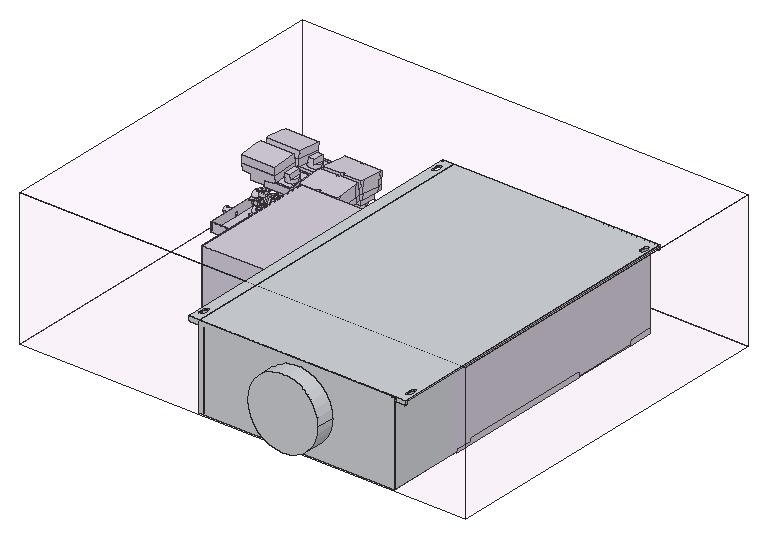
Revit family "02 - MAT235 - 200 DIS - Belimo ePIV Valves (With Bypass)", category Mechanical Equipment, host Ceiling, Revit 2018 (continued)
Automatic sketch dimensions
  Extrusion 29 sketch curve to Extrusion 28 = 35.00 mm  (x2)
  Extrusion 29 sketch curve to Extrusion 29 sketch curve = 40.00 mm  (x2)
  Extrusion 33 to Extrusion 34 sketch curve = 88.50 mm
  Extrusion 36 sketch curve to Extrusion 35 = 14.00 mm  (x4)
  Extrusion 36 sketch curve to Extrusion 35 = 35.00 mm  (x2)
  Extrusion 36 sketch curve to Extrusion 36 sketch curve = 40.00 mm  (x2)
  Extrusion 38 sketch curve to Extrusion 38 sketch curve = 0.00 mm  (x8)
  Extrusion 38 sketch curve to Extrusion 37 = 14.00 mm  (x8)
  Extrusion 39 sketch curve to Extrusion 39 sketch curve = 24.80 mm
  Extrusion 42 sketch curve to Extrusion 42 sketch curve = 0.00 mm  (x2)
  Extrusion 43 sketch curve to Extrusion 43 sketch curve = 0.00 mm  (x2)
  Extrusion 46 sketch curve to Extrusion 45 = 5.00 mm
  Extrusion 46 sketch curve to Extrusion 46 sketch curve = 5.00 mm
  Extrusion 47 sketch curve to Extrusion 47 sketch curve = 5.00 mm
  Extrusion 46 to Extrusion 47 sketch curve = 5.00 mm
  Extrusion 49 sketch curve to Extrusion 48 = 5.00 mm
  Extrusion 49 sketch curve to Extrusion 49 sketch curve = 5.00 mm
  Extrusion 50 sketch curve to Extrusion 50 sketch curve = 5.00 mm  (x2)
  radius of Extrusion 29 sketch curve = 7.50 mm  (x4)
  radius of Extrusion 31 sketch curve to Extrusion 29 = 0.00 mm  (x4)
  radius of Extrusion 31 sketch curve to Extrusion 29 = 1.00 mm  (x4)
  radius of Extrusion 36 sketch curve = 7.50 mm  (x4)
  radius of Extrusion 38 sketch curve = 7.50 mm  (x4)
  radius of Extrusion 38 sketch curve = 6.50 mm  (x4)
  radius of Extrusion 57 sketch curve = 7.95 mm  (x3)
  radius of Extrusion 57 sketch curve = 10.50 mm
  radius of Extrusion 58 sketch curve = 7.95 mm  (x3)
  radius of Extrusion 58 sketch curve = 10.50 mm
Nested families
  nested 1: "Circular Spigot" at (0, -450, 3732.5), visible <- "DS_1", type "200 Dia - Front Spigot"
  nested 2: "Circular Spigot" at (555, -450, 3732.5), visible <- "DS_2", type "200 Dia - Front Spigot"
  nested 3: "Circular Spigot" at (1110, -450, 3732.5), visible <- "DS_3", type "200 Dia - Front Spigot"
  nested 4: "Circular Spigot" at (1665, -450, 3732.5), visible <- "DS_4", type "200 Dia - Front Spigot"
  nested 5: "Circular Spigot" at (2220, -450, 3732.5), visible <- "DS_5", type "200 Dia - Front Spigot"
  nested 6: "Circular Spigot" at (279.2, -318, 3732.5) x (0, 1, 0) z (0, 0, 1), visible <- "DS_B", type "200 Dia - Side Spigot"
  nested 7: "Circular Spigot" at (-279.2, -318, 3732.5) x (0, -1, 0) z (0, 0, 1), visible <- "DS_A", type "200 Dia - Side Spigot"
  nested 8: "ePIV Valve Assembly (With Bypass)" at (388, 255.5, 3675) x (0, 1, 0) z (0, 0, 1), visible <- "RH Components Visible", type "ePIV Valve Assembly (With Bypass)"
  nested 9: "ePIV Valve Assembly (With Bypass)" at (-388, 321.5, 3675) x (0, -1, 0) z (0, 0, 1), visible <- "LH Components Visible", type "ePIV Valve Assembly (With Bypass)"
Connectors
  piping at (794, 288.5, 3625.2), diameter 15, driven by "Condensate Drain Connection Size"
    settings: on Extrusion 43, index 1, connector inside diameter 609.6 mm, connector length 0.00 mm, flow factor 0, pipe flow 0.0 L/s, pressure drop 0.0 Pa, fitting loss kfactor 0, connector angle 0.00°, fixture units 0, engagement length 0.00 mm, angle of deflection 0.00°, flow configuration 0, flow direction 2, fitting loss method 0, system type 16, joint type 0, gender type 0, connector reference index -1, connector utility 0, adjustable connector yes, is connector primary yes, connector description "Condensate Drain"
  piping at (-794, 288.5, 3625.2), diameter 15, driven by "Drain Connection Size"
    settings: on Extrusion 42, index 10, connector inside diameter 609.6 mm, connector length 0.00 mm, flow factor 0, pipe flow 0.0 L/s, pressure drop 0.0 Pa, fitting loss kfactor 0, connector angle 0.00°, fixture units 0, engagement length 0.00 mm, angle of deflection 0.00°, flow configuration 0, flow direction 2, fitting loss method 0, system type 16, joint type 0, gender type 0, connector reference index -1, connector utility 0, adjustable connector yes, is connector primary no, connector description "Condensate Drain"
  hvac at (0, 450, 3733), driven by "Intake Height", driven by "Intake Width"
    settings: on Extrusion 44, index 11, duct flow 0.0 L/s, flow factor 0, pres drop 0.0 Pa, loss coef 0, conn angle 0.00°, conn width 530 mm, conn height 205 mm, conn diameter 609.6 mm, duct sys type 2, conn prof type 1, flow config 0, flow direction 1, loss method 0, conn ref index -1, conn util no, is conn primary yes, conn desc ""
  hvac at (-359.2, -318, 3732.5), driven by "Outlet Connection Dia/Height"
    settings: on nested 7, index 12, duct flow 0.0 L/s, flow factor 0, pres drop 0.0 Pa, loss coef 0, conn angle 0.00°, conn width 304.8 mm, conn height 304.8 mm, conn diameter 200 mm, duct sys type 1, conn prof type 0, flow config 0, flow direction 2, loss method 0, conn ref index -1, conn util no, is conn primary no, conn desc "Discharge Spigot A"
  hvac at (359.2, -318, 3732.5), driven by "Outlet Connection Dia/Height"
    settings: on nested 6, index 13, duct flow 0.0 L/s, flow factor 0, pres drop 0.0 Pa, loss coef 0, conn angle 0.00°, conn width 304.8 mm, conn height 304.8 mm, conn diameter 200 mm, duct sys type 1, conn prof type 0, flow config 0, flow direction 2, loss method 0, conn ref index -1, conn util no, is conn primary no, conn desc "Discharge Spigot B"
  hvac at (0, -500, 3732.5), driven by "Outlet Connection Dia/Height"
    settings: on nested 1, index 14, duct flow 0.0 L/s, flow factor 0, pres drop 0.0 Pa, loss coef 0, conn angle 0.00°, conn width 304.8 mm, conn height 304.8 mm, conn diameter 200 mm, duct sys type 1, conn prof type 0, flow config 0, flow direction 2, loss method 0, conn ref index -1, conn util no, is conn primary no, conn desc "Discharge Spigot 1"
  hvac at (555, -500, 3732.5), driven by "Outlet Connection Dia/Height"
    settings: on nested 2, index 15, duct flow 0.0 L/s, flow factor 0, pres drop 0.0 Pa, loss coef 0, conn angle 0.00°, conn width 304.8 mm, conn height 304.8 mm, conn diameter 200 mm, duct sys type 1, conn prof type 0, flow config 0, flow direction 2, loss method 0, conn ref index -1, conn util no, is conn primary no, conn desc "Discharge Spigot 2"
  hvac at (1110, -500, 3732.5), driven by "Outlet Connection Dia/Height"
    settings: on nested 3, index 16, duct flow 0.0 L/s, flow factor 0, pres drop 0.0 Pa, loss coef 0, conn angle 0.00°, conn width 304.8 mm, conn height 304.8 mm, conn diameter 200 mm, duct sys type 1, conn prof type 0, flow config 0, flow direction 2, loss method 0, conn ref index -1, conn util no, is conn primary no, conn desc "Discharge Spigot 3"
  hvac at (1665, -500, 3732.5), driven by "Outlet Connection Dia/Height"
    settings: on nested 4, index 17, duct flow 0.0 L/s, flow factor 0, pres drop 0.0 Pa, loss coef 0, conn angle 0.00°, conn width 304.8 mm, conn height 304.8 mm, conn diameter 200 mm, duct sys type 1, conn prof type 0, flow config 0, flow direction 2, loss method 0, conn ref index -1, conn util no, is conn primary no, conn desc "Discharge Spigot 4"
  hvac at (2220, -500, 3732.5), driven by "Outlet Connection Dia/Height"
    settings: on nested 5, index 18, duct flow 0.0 L/s, flow factor 0, pres drop 0.0 Pa, loss coef 0, conn angle 0.00°, conn width 304.8 mm, conn height 304.8 mm, conn diameter 200 mm, duct sys type 1, conn prof type 0, flow config 0, flow direction 2, loss method 0, conn ref index -1, conn util no, is conn primary no, conn desc "Discharge Spigot 5"
  electrical at (314.2, -84, 3631.2)
    settings: on cut or joined group of Extrusion 45, Extrusion 58, index 19, voltage 230 V, apparent load 0 VA, apparent load phase1 0 VA, apparent load phase2 0 VA, apparent load phase3 0 VA, power factor 1, load classification "HVAC", number of poles 1, system type 31, power factor state 1, is connector primary yes, connector utility no, sub classification motor no, connector description "FCU Electrical Supply"
  electrical at (-314.2, 94, 3631.2)
    settings: on cut or joined group of Extrusion 48, Extrusion 57, index 20, voltage 230 V, apparent load 0 VA, apparent load phase1 0 VA, apparent load phase2 0 VA, apparent load phase3 0 VA, power factor 1, load classification "HVAC", number of poles 1, system type 31, power factor state 1, is connector primary no, connector utility no, sub classification motor no, connector description "FCU Electrical Supply"
  piping at (683, 321.5, 3715), diameter 27
    settings: on nested 8, index 21, connector inside diameter 609.6 mm, connector length 0.00 mm, flow factor 0, pipe flow 0.0 L/s, pressure drop 0.0 Pa, fitting loss kfactor 0, connector angle 0.00°, fixture units 0, engagement length 0.00 mm, angle of deflection 0.00°, flow configuration 0, flow direction 2, fitting loss method 4, system type 8, joint type 0, gender type 0, connector reference index -1, connector utility 0, adjustable connector no, is connector primary no, connector description "HTG Return"
  piping at (683, 321.5, 3675), diameter 27
    settings: on nested 8, index 22, connector inside diameter 609.6 mm, connector length 0.00 mm, flow factor 0, pipe flow 0.0 L/s, pressure drop 0.0 Pa, fitting loss kfactor 0, connector angle 0.00°, fixture units 0, engagement length 0.00 mm, angle of deflection 0.00°, flow configuration 0, flow direction 1, fitting loss method 4, system type 7, joint type 0, gender type 0, connector reference index -1, connector utility 0, adjustable connector no, is connector primary no, connector description "HTG Flow"
  piping at (683, 255.5, 3715), diameter 27
    settings: on nested 8, index 23, connector inside diameter 609.6 mm, connector length 0.00 mm, flow factor 0, pipe flow 0.0 L/s, pressure drop 0.0 Pa, fitting loss kfactor 0, connector angle 0.00°, fixture units 0, engagement length 0.00 mm, angle of deflection 0.00°, flow configuration 0, flow direction 2, fitting loss method 4, system type 8, joint type 0, gender type 0, connector reference index -1, connector utility 0, adjustable connector no, is connector primary no, connector description "CLG Return"
  piping at (683, 255.5, 3675), diameter 27
    settings: on nested 8, index 24, connector inside diameter 609.6 mm, connector length 0.00 mm, flow factor 0, pipe flow 0.0 L/s, pressure drop 0.0 Pa, fitting loss kfactor 0, connector angle 0.00°, fixture units 0, engagement length 0.00 mm, angle of deflection 0.00°, flow configuration 0, flow direction 1, fitting loss method 4, system type 7, joint type 0, gender type 0, connector reference index -1, connector utility 0, adjustable connector no, is connector primary no, connector description "CLG Flow"
  piping at (-683, 321.5, 3715), diameter 27
    settings: on nested 9, index 25, connector inside diameter 609.6 mm, connector length 0.00 mm, flow factor 0, pipe flow 0.0 L/s, pressure drop 0.0 Pa, fitting loss kfactor 0, connector angle 0.00°, fixture units 0, engagement length 0.00 mm, angle of deflection 0.00°, flow configuration 0, flow direction 2, fitting loss method 4, system type 8, joint type 0, gender type 0, connector reference index -1, connector utility 0, adjustable connector no, is connector primary no, connector description "CLG Return"
  piping at (-683, 321.5, 3675), diameter 27
    settings: on nested 9, index 26, connector inside diameter 609.6 mm, connector length 0.00 mm, flow factor 0, pipe flow 0.0 L/s, pressure drop 0.0 Pa, fitting loss kfactor 0, connector angle 0.00°, fixture units 0, engagement length 0.00 mm, angle of deflection 0.00°, flow configuration 0, flow direction 1, fitting loss method 4, system type 7, joint type 0, gender type 0, connector reference index -1, connector utility 0, adjustable connector no, is connector primary no, connector description "CLG Flow"
  piping at (-683, 255.5, 3715), diameter 27
    settings: on nested 9, index 27, connector inside diameter 609.6 mm, connector length 0.00 mm, flow factor 0, pipe flow 0.0 L/s, pressure drop 0.0 Pa, fitting loss kfactor 0, connector angle 0.00°, fixture units 0, engagement length 0.00 mm, angle of deflection 0.00°, flow configuration 0, flow direction 2, fitting loss method 4, system type 8, joint type 0, gender type 0, connector reference index -1, connector utility 0, adjustable connector no, is connector primary no, connector description "HTG Return"
  piping at (-683, 255.5, 3675), diameter 27
    settings: on nested 9, index 28, connector inside diameter 609.6 mm, connector length 0.00 mm, flow factor 0, pipe flow 0.0 L/s, pressure drop 0.0 Pa, fitting loss kfactor 0, connector angle 0.00°, fixture units 0, engagement length 0.00 mm, angle of deflection 0.00°, flow configuration 0, flow direction 1, fitting loss method 4, system type 7, joint type 0, gender type 0, connector reference index -1, connector utility 0, adjustable connector no, is connector primary no, connector description "HTG Flow"
Definition of nested family "Circular Spigot"
  Parameters (values of type "200 Dia - Side Spigot")
    Spigot Size = 200.00 mm
    Spigot Depth = 80.00 mm
  Types (8, lengths in mm): name | Spigot Size | Spigot Depth
    250 Dia - Side Spigot | 250.00 | 80.00
    250 Dia - Front Spigot | 250.00 | 50.00
    200 Dia - Front Spigot | 200.00 | 50.00
    200 Dia - Side Spigot | 200.00 | 80.00
    150 Dia - Front Spigot | 150.00 | 50.00
    160 Dia - Front Spigot | 160.00 | 50.00
    150 Dia - Side Spigot | 150.00 | 80.00
    160 Dia - Side Spigot | 160.00 | 80.00
  Reference planes
    plane 1 "Center (Front/Back)": y = 0
    plane 2: z = 0
    plane 3 "Center (Left/Right)": x = 0
  Forms (mm)
    Extrusion 1, solid
      sketch origin (0, 0, 0) x (1, 0, 0) y (0, 0, 1)
        loop
          circle (0, 0) r 100
      from 0 to 80 <- "Spigot Depth"
  Dimensions and locks
    "Spigot Size": diameter of Extrusion 1 sketch curve
    aligned and locked: level to plane 2
  Automatic sketch dimensions
    Extrusion 1 sketch curve to level = 0.00 mm
    Extrusion 1 sketch curve to plane 3 "Center (Left/Right)" = 0.00 mm
Definition of nested family "ePIV Valve Assembly (With Bypass)"
  Reference planes
    plane 1 "Center (Front/Back)": y = 0
    plane 2: z = 0
    plane 3 "Center (Left/Right)": x = 0
    plane 4: x = 66
    plane 5: z = 40
    plane 6: y = -295
  Forms (mm)
    Extrusion 1, solid
      sketch origin (0, 0, 0) x (1, 0, 0) y (0, 0, 1)
        loop
          circle (0, 0) r 7.5
        loop
          circle (66, 0) r 7.5
        loop
          circle (0, 40) r 7.5
        loop
          circle (66, 40) r 7.5
      from 0 to 240
    Extrusion 2, solid
      sketch origin (0, 0, 0) x (-1, 0, 0) y (0, 0, 1)
        loop
          circle (0, 40) r 7.5
        loop
          circle (0, 0) r 7.5
        loop
          circle (-66, 0) r 7.5
        loop
          circle (-66, 40) r 7.5
        loop
          circle (-66, 40) r 8.5
        loop
          circle (0, 40) r 8.5
        loop
          circle (0, 0) r 8.5
        loop
          circle (-66, 0) r 8.5
      from 0 to 15
    Extrusion 3, solid
      sketch origin (0, -240, 0) x (1, 0, 0) y (0, 0, 1)
        loop
          line (8.256, 14.3) -> (-8.256, 14.3) -> (-16.512, 0) -> (-8.256, -14.3) -> (8.256, -14.3) -> (16.512, 0) -> (8.256, 14.3)
        loop
          line (80.3, 8.256) -> (66, 16.512) -> (51.7, 8.256) -> (51.7, -8.256) -> (66, -16.512) -> (80.3, -8.256) -> (80.3, 8.256)
        loop
          line (74.256, 54.3) -> (57.744, 54.3) -> (49.488, 40) -> (57.744, 25.7) -> (74.256, 25.7) -> (82.512, 40) -> (74.256, 54.3)
        loop
          line (14.3, 48.256) -> (0, 56.512) -> (-14.3, 48.256) -> (-14.3, 31.744) -> (0, 23.488) -> (14.3, 31.744) -> (14.3, 48.256)
      from 0 to -20
    Extrusion 4, void
      sketch origin (0, -240, 0) x (-1, 0, 0) y (0, 0, 1)
        loop
          circle (0, 0) r 9.25
        loop
          circle (0, 40) r 9.25
        loop
          circle (-66, 40) r 9.25
        loop
          circle (-66, 0) r 9.25
      from 0 to 15
  Cuts and joins
    Extrusion 4 cuts Extrusion 1
    Extrusion 4 cuts Extrusion 2
    Extrusion 4 cuts Extrusion 3
    joined: Extrusion 1, Extrusion 2, Extrusion 3
  Dimensions and locks
    locked: level to Extrusion 1 sketch curve at 40
    Extrusion 1 sketch curve to plane 3 "Center (Left/Right)" = 66.00 mm  (x2)
    level to Extrusion 1 sketch curve = 40.00 mm
    locked: plane 5 to level at 40
    locked: plane 4 to plane 3 "Center (Left/Right)" at 66
    locked: plane 1 "Center (Front/Back)" to plane 6 at 295
    aligned and locked: level to plane 2
    aligned and locked: Extrusion 2 sketch curve to Extrusion 1  (x8)
    aligned and locked: nested 1 to cut or joined group of Extrusion 1, Extrusion 2, Extrusion 3, Extrusion 4
    aligned and locked: nested 2 to cut or joined group of Extrusion 1, Extrusion 2, Extrusion 3, Extrusion 4
    aligned and locked: plane 6 to nested 3
    aligned and locked: plane 3 "Center (Left/Right)" to nested 3
    aligned and locked: nested 3 to plane 5
  Nested families
    nested 1: "ePIV Valve" at (0, -205, 40) x (0, -1, 0) z (-0.0872, 0, 0.9962), type "ePIV Valve"
    nested 2: "ePIV Valve" at (66, -205, 40) x (0, -1, 0) z (0.0872, 0, 0.9962), type "ePIV Valve"
    nested 3: "FlowCon Bypass" at (66, -270, 0), type "FlowCon Bypass"
  Definition of nested family "ePIV Valve"
    Reference planes
      plane 1 "Center (Front/Back)": y = 0
      plane 2: z = 0
      plane 3 "Center (Left/Right)": x = 0
      plane 4 "Flow_Meter_Base": z = 23.5
      plane 5: x = -152.5
      plane 6: x = -100
      plane 7: x = -18
    Forms (mm)
      Revolve 1, solid
        sketch origin (0, 0, 0) x (1, 0, 0) y (0, 0, 1)
          loop
            line (0, 0) -> (0, 16.5) -> (-10, 16.5) -> (-10, 15) -> (-30, 15) -> (-30, 12.25) -> (-35, 12.25) -> (-35, 10.25) -> (-73, 10.25) -> (-73, 11.25) -> (-110, 11.25) -> (-110, 8.25) -> (-140, 8.25) -> (-140, 11.25) -> (-155, 11.25) -> (-155, 0) -> (0, 0)
          axis (0, 0) -> (-155, 0)
        angle from 0 to 360
      Extrusion 2, solid
        sketch origin (0, 0, 0) x (0, 1, 0) y (0, 0, 1)
          loop
            circle (0, 0) r 16.5
        from 0 to 3
      Extrusion 3, solid
        sketch origin (3, 0, 0) x (0, 1, 0) y (0, 0, 1)
          loop
            line (3.706, 13.83) -> (-10.125, 10.125) -> (-13.83, -3.706) -> (-3.706, -13.83) -> (10.125, -10.125) -> (13.83, 3.706) -> (3.706, 13.83)
        from 0 to 12
      Extrusion 4, solid
        sketch origin (-35, 0, 0) x (0, 0, 1) y (0, 1, 0)
          loop
            line (7.217, -12.5) -> (14.434, 0) -> (7.217, 12.5) -> (-7.217, 12.5) -> (-14.434, 0) -> (-7.217, -12.5) -> (7.217, -12.5)
        from 0 to 17
      Extrusion 5, solid
        sketch origin (-73, 0, 0) x (0, 1, 0) y (0, 0, 1)
          loop
            line (3.008, 17.057) -> (-13.268, 11.133) -> (-16.276, -5.924) -> (-3.008, -17.057) -> (13.268, -11.133) -> (16.276, 5.924) -> (3.008, 17.057)
        from 0 to 13
      Extrusion 6, solid
        sketch origin (-155, 0, 0) x (0, 0, 1) y (0, 1, 0)
          loop
            line (7.159, -12.4) -> (14.318, 0) -> (7.159, 12.4) -> (-7.159, 12.4) -> (-14.318, 0) -> (-7.159, -12.4) -> (7.159, -12.4)
        from 0 to 20
      Revolve 7, solid
        sketch origin (0, 0, 0) x (1, 0, 0) y (0, 0, 1)
          loop
            line (-18, 0) -> (-6, 0) -> (-6, 30) -> (-2.995, 33.005) -> (-2.995, 40.005) -> (3, 40.005) -> (3, 45.005) -> (-18, 45.005) -> (-18, 0)
          axis (-18, 0) -> (-18, 45.005)
        angle from 0 to 360
      Revolve 8, solid
        sketch origin (0, 0, 0) x (1, 0, 0) y (0, 0, 1)
          loop
            line (-100, -17) -> (-93, -17) -> (-93, 0) -> (-89.5, 0) -> (-89.5, 13) -> (-86, 16.5) -> (-86, 75) -> (-100, 75) -> (-100, -17)
          axis (-100, -17) -> (-100, 75)
        angle from 0 to 360
      Revolve 9, solid
        sketch origin (0, 0, 0) x (1, 0, 0) y (0, 0, 1)
          loop
            line (-152.5, -17) -> (-145.5, -17) -> (-145.5, 0) -> (-142, 0) -> (-142, 13.036) -> (-138.5, 16.536) -> (-138.5, 75) -> (-152.5, 75) -> (-152.5, -17)
          axis (-152.5, -17) -> (-152.5, 75)
        angle from 0 to 360
      Extrusion 10, solid
        sketch origin (-152.5, 0, 75) x (1, 0, 0) y (0, 1, 0)
          loop
            line (0, 5) -> (0, -5) -> (18.65, -5)
            arc (18.65, -5) -> (23.65, 0) -> (18.65, 5) r 5
            line (18.65, 5) -> (0, 5)
        from 0 to -75
      Extrusion 11, solid
        sketch origin (0, 0, 0) x (1, 0, 0) y (0, 1, 0)
          loop
            line (-152.5, 2) -> (-152.5, -2) -> (-99.993, -2) -> (-99.993, 2) -> (-152.5, 2)
        from -15 to 20
      Extrusion 12, void
        sketch origin (-175, 0, 0) x (0, 0, -1) y (0, 1, 0)
          loop
            circle (0, 0) r 9.25
        from 0 to 20
      Extrusion 13, void
        sketch origin (15, 0, 0) x (0, -1, 0) y (0, 0, 1)
          loop
            circle (0, 0) r 9.25
        from 0 to 20
      Extrusion 14, solid
        sketch origin (0, 0, 23.5) x (1, 0, 0) y (0, 1, 0)
          loop
            arc (-139.423, 5) -> (-155.042, 13.767) -> (-166.5, 0) r 14
            arc (-166.5, 0) -> (-155.042, -13.767) -> (-139.423, -5) r 14
            line (-139.423, -5) -> (-133.85, -5)
            arc (-133.85, -5) -> (-128.85, 0) -> (-133.85, 5) r 5
            line (-133.85, 5) -> (-139.423, 5)
          loop
            circle (-100, 0) r 14
          loop
            arc (-138.113, 7) -> (-156.092, 15.592) -> (-168.5, 0) r 16
            arc (-168.5, 0) -> (-156.092, -15.592) -> (-138.113, -7) r 16
            line (-138.113, -7) -> (-133.85, -7)
            arc (-133.85, -7) -> (-126.85, 0) -> (-133.85, 7) r 7
            line (-133.85, 7) -> (-138.113, 7)
          loop
            circle (-100, 0) r 16
        from 0 to 20
      Extrusion 15, solid
        sketch origin (0, 0, 43.5) x (1, 0, 0) y (0, 1, 0)
          loop
            line (-172, 23.5) -> (-172, -23.5) -> (-80, -23.5) -> (-80, 23.5) -> (-172, 23.5)
        from 0 to 18.5
      Extrusion 16, solid
        sketch origin (0, 0, 62) x (1, 0, 0) y (0, 1, 0)
          loop
            line (-179.5, 37.5) -> (-179.5, -37.5) -> (-72.5, -37.5) -> (-72.5, 37.5) -> (-179.5, 37.5)
        from 0 to 13
      Extrusion 17, void
        sketch origin (0, 0, 75) x (0, 1, 0) y (1, 0, 0)
          loop
            circle (37.5, -126) r 5
          loop
            circle (-37.5, -126) r 5
          loop
            line (-37.5, -179.5) -> (-27.5, -179.5) -> (-37.5, -177.5) -> (-37.5, -179.5)
          loop
            line (37.5, -179.5) -> (37.5, -177.5) -> (27.5, -179.5) -> (37.5, -179.5)
          loop
            line (37.5, -72.5) -> (27.5, -72.5) -> (37.5, -74.5) -> (37.5, -72.5)
          loop
            line (-37.5, -72.5) -> (-37.5, -74.5) -> (-27.5, -72.5) -> (-37.5, -72.5)
        from 0 to 13
      Extrusion 18, solid
        sketch origin (0, 0, 75) x (1, 0, 0) y (0, 1, 0)
          loop
            line (-177.5, -37.5) -> (-131, -37.5)
            arc (-131, -37.5) -> (-126, -32.5) -> (-121, -37.5) r 5
            line (-121, -37.5) -> (-74.5, -37.5) -> (-72.5, -27.5) -> (-72.5, 27.5) -> (-74.5, 37.5) -> (-121, 37.5)
            arc (-121, 37.5) -> (-126, 32.5) -> (-131, 37.5) r 5
            line (-131, 37.5) -> (-177.5, 37.5) -> (-179.5, 27.5) -> (-179.5, -27.5) -> (-177.5, -37.5)
        from 0 to 35
      Extrusion 19, solid
        sketch origin (0, 0, 0) x (1, 0, 0) y (0, 0, 1)
          loop
            line (-39, 45.005) -> (3, 45.005) -> (3, 49.005) -> (26, 59.005) -> (26, 64.005) -> (-39, 64.005) -> (-39, 45.005)
        from -21 to 21
      Extrusion 20, solid
        sketch origin (0, 0, 0) x (1, 0, 0) y (0, 0, 1)
          loop
            line (-45, 64.005) -> (30, 64.005) -> (30, 78.634) -> (0, 81.259) -> (0, 86.005) -> (-45, 86.005) -> (-45, 64.005)
        from -36 to 36
      Extrusion 21, void
        sketch origin (-45, 0, 86.005) x (0, 1, 0) y (1, 0, 0)
          loop
            line (34, 75) -> (-34, 75) -> (-34, 3.64) -> (-25.802, 2) -> (25.802, 2) -> (34, 3.64) -> (34, 75)
        from 0 to 19.005
      Extrusion 22, void
        sketch origin (-45, 0, 86.005) x (0, 1, 0) y (1, 0, 0)
          loop
            line (36, 0) -> (36, 2) -> (26, 0) -> (36, 0)
          loop
            line (-36, 0) -> (-26, 0) -> (-36, 2) -> (-36, 0)
        from 0 to 22
      Extrusion 23, solid
        sketch origin (0, 0, 0) x (1, 0, 0) y (0, 0, 1)
          loop
            line (-43, 67) -> (72.7, 67) -> (72.7, 83) -> (94.7, 83) -> (94.7, 103) -> (-1, 103) -> (-1, 83) -> (-43, 83) -> (-43, 67)
        from -34 to 34
      Extrusion 24, solid
        sketch origin (-43, 0, 83) x (1, 0, 0) y (0, 1, 0)
          loop
            circle (22, 0) r 17.5
        from 0 to 22
      Extrusion 25, void
        sketch origin (-43, 0, 105) x (0, 1, 0) y (1, 0, 0)
          loop
            line (15.615, 14.1) -> (-15.615, 14.1)
            arc (-15.615, 14.1) -> (-9.165, 7.092) -> (0, 4.5) r 17.5
            arc (0, 4.5) -> (9.165, 7.092) -> (15.615, 14.1) r 17.5
          loop
            arc (15.615, 29.9) -> (0, 39.5) -> (-15.615, 29.9) r 17.5
            line (-15.615, 29.9) -> (15.615, 29.9)
        from 0 to 13.6
      Extrusion 26, void
        sketch origin (72.7, 0, 67) x (1, 0, 0) y (0, 1, 0)
          loop
            line (0, 34) -> (-2, 34) -> (0, 24) -> (0, 34)
          loop
            line (0, -34) -> (0, -24) -> (-2, -34) -> (0, -34)
        from 0 to 16
      Extrusion 27, void
        sketch origin (-1, 0, 103) x (0, 1, 0) y (1, 0, 0)
          loop
            line (34, 95.7) -> (24, 95.7) -> (34, 93.7) -> (34, 95.7)
          loop
            line (-34, 95.7) -> (-34, 93.7) -> (-24, 95.7) -> (-34, 95.7)
        from 0 to 20
      Extrusion 28, solid
        sketch origin (-1, 0, 103) x (1, 0, 0) y (0, 1, 0)
          loop
            line (93.7, 34) -> (0, 34) -> (0, -34) -> (93.7, -34) -> (95.7, -24) -> (95.7, 24) -> (93.7, 34)
        from 0 to 20
    Cuts and joins
      Extrusion 12, Extrusion 13, Extrusion 21 cuts Extrusion 2
      Extrusion 12, Extrusion 13, Extrusion 21 cuts Extrusion 3
      joined: Extrusion 2, Extrusion 3
      Extrusion 12, Extrusion 13, Extrusion 21, Extrusion 25 cuts Revolve 1
      Extrusion 12, Extrusion 13, Extrusion 21, Extrusion 25 cuts Extrusion 4
      Extrusion 12, Extrusion 13, Extrusion 21, Extrusion 25 cuts Extrusion 5
      Extrusion 12, Extrusion 13, Extrusion 21, Extrusion 25 cuts Extrusion 6
      Extrusion 12, Extrusion 13, Extrusion 21, Extrusion 25 cuts Revolve 7
      Extrusion 12, Extrusion 13, Extrusion 21, Extrusion 25 cuts Revolve 8
      Extrusion 12, Extrusion 13, Extrusion 21, Extrusion 25 cuts Revolve 9
      Extrusion 12, Extrusion 13, Extrusion 21, Extrusion 25 cuts Extrusion 10
      Extrusion 12, Extrusion 13, Extrusion 21, Extrusion 25 cuts Extrusion 11
      joined: Revolve 1, Extrusion 4, Extrusion 5, Extrusion 6, Revolve 7, Revolve 8, Revolve 9, Extrusion 10, Extrusion 11
      Extrusion 17 cuts Extrusion 14
      Extrusion 17 cuts Extrusion 15
      Extrusion 17 cuts Extrusion 16
      joined: Extrusion 14, Extrusion 15, Extrusion 16
      Extrusion 21, Extrusion 22, Extrusion 25 cuts Extrusion 19
      Extrusion 21, Extrusion 22, Extrusion 25 cuts Extrusion 20
      joined: Extrusion 19, Extrusion 20
      Extrusion 25, Extrusion 26, Extrusion 27 cuts Extrusion 23
      Extrusion 25 cuts Extrusion 24
    Dimensions and locks
      cut or joined group of Extrusion 2, Extrusion 3, Extrusion 12, Extrusion 13, Extrusion 21 to Revolve 7 sketch curve = 33.00 mm
      equal spacing: Extrusion 15 sketch curve, plane 1 "Center (Front/Back)", Extrusion 15 sketch curve
      Extrusion 15 sketch curve to plane 1 "Center (Front/Back)" = 23.50 mm
      locked: Extrusion 15 sketch curve to Extrusion 15 sketch curve at 92
      Extrusion 15 sketch curve to plane 5 = 19.50 mm
      plane 6 to Extrusion 15 sketch curve = 20.00 mm
      Extrusion 16 sketch curve to cut or joined group of Extrusion 14, Extrusion 15, Extrusion 16, Extrusion 17 = 14.00 mm  (x2)
      Extrusion 16 sketch curve to cut or joined group of Extrusion 14, Extrusion 15, Extrusion 16, Extrusion 17 = 7.50 mm
      cut or joined group of Extrusion 14, Extrusion 15, Extrusion 16, Extrusion 17 to Extrusion 16 sketch curve = 7.50 mm
      locked: plane 3 "Center (Left/Right)" to plane 7 at 18
      cut or joined group of Extrusion 19, Extrusion 20, Extrusion 21, Extrusion 22, Extrusion 25 to Extrusion 24 sketch curve = 22.00 mm
      aligned and locked: level to plane 2
      aligned and locked: level to Revolve 1 sketch curve
      aligned and locked: Extrusion 2 sketch curve to Revolve 1  (x2)
      aligned and locked: cut or joined group 1 (Revolve 1, Extrusion 4, Extrusion 5, Extrusion 6, Revolve 7, Revolve 8, Revolve 9, Extrusion 10, Extrusion 11, Extrusion 12, Extrusion 13, Extrusion 21, Extrusion 25) to Extrusion 10
      aligned and locked: Extrusion 10 to level
      aligned and locked: Extrusion 14 sketch curve to cut or joined group 1  (x6)
      aligned and locked: cut or joined group 1 to Extrusion 14 sketch curve
      aligned and locked: Extrusion 16 to Extrusion 17
      aligned and locked: Extrusion 17 to Extrusion 15
      aligned and locked: Extrusion 18 sketch curve to cut or joined group of Extrusion 14, Extrusion 15, Extrusion 16, Extrusion 17  (x9)
      aligned and locked: cut or joined group of Extrusion 14, Extrusion 15, Extrusion 16, Extrusion 17 to Extrusion 18 sketch curve
      aligned and locked: Extrusion 20 sketch curve to plane 3 "Center (Left/Right)"
      aligned and locked: cut or joined group of Extrusion 19, Extrusion 20, Extrusion 21, Extrusion 22, Extrusion 25 to Extrusion 21 sketch curve
      aligned and locked: Extrusion 23 to cut or joined group of Extrusion 19, Extrusion 20, Extrusion 21, Extrusion 22, Extrusion 25  (x2)
      aligned and locked: Extrusion 25 sketch curve to Extrusion 24  (x2)
      aligned and locked: Extrusion 26 to Extrusion 23
      aligned and locked: Extrusion 27 to Extrusion 23
      aligned and locked: Extrusion 28 sketch curve to cut or joined group of Extrusion 23, Extrusion 25, Extrusion 26, Extrusion 27  (x5)
      aligned and locked: cut or joined group of Extrusion 23, Extrusion 25, Extrusion 26, Extrusion 27 to Extrusion 28 sketch curve
      aligned and locked: cut or joined group of Extrusion 23, Extrusion 25, Extrusion 26, Extrusion 27 to Extrusion 21
  Definition of nested family "FlowCon Bypass"
    Reference planes
      plane 1 "Center (Front/Back)": y = 0
      plane 2: z = 0
      plane 3 "Center (Left/Right)": x = 0
      plane 4: z = 40
      plane 5: y = -25
      plane 6: y = 35
      plane 7 "Centre": z = 20
      plane 8: x = -33
      plane 9: x = -33
      plane 10: x = -33
      plane 11: x = -66
      plane 12: x = -66
    Forms (mm)
      Revolve 1, solid
        sketch origin (0, 0, 0) x (0, 1, 0) y (0, 0, 1)
          loop
            line (-25, 40) -> (35, 40) -> (35, 53.5) -> (19, 53.5) -> (19, 56.5) -> (15, 56.5) -> (15, 53.5) -> (-25, 53.5) -> (-25, 40)
          axis (-25, 40) -> (35, 40)
        angle from 0 to 360
      Revolve 2, solid
        sketch origin (0, 0, 0) x (0, 1, 0) y (0, 0, 1)
          loop
            line (-25, 0) -> (35, 0) -> (35, 13.5) -> (19, 13.5) -> (19, 16.5) -> (15, 16.5) -> (15, 13.5) -> (-25, 13.5) -> (-25, 0)
          axis (-25, 0) -> (35, 0)
        angle from 0 to 360
      Revolve 3, solid
        sketch origin (0, 0, 0) x (0, 1, 0) y (0, 0, 1)
          loop
            line (0, 62) -> (0, -22) -> (11.5, -22) -> (11.5, 62) -> (0, 62)
          axis (0, 62) -> (0, -22)
        angle from 0 to 360
      Extrusion 4, solid
        sketch origin (0, 0, 0) x (0, 1, 0) y (0, 0, 1)
          loop
            circle (0, 40) r 8
          loop
            circle (0, 0) r 8
        from 0 to 14
      Extrusion 5, void
        sketch origin (0, 0, 20) x (0, -1, 0) y (1, 0, 0)
          loop
            circle (0, 0) r 11.5
          loop
            circle (0, 0) r 9.5
        from -6 to 6
      Extrusion 6, solid
        sketch origin (14, 0, 0) x (0, 1, 0) y (0, 0, 1)
          loop
            circle (0, 40) r 7.5
          loop
            circle (0, 0) r 7.5
        from 0 to 5
      Extrusion 7, solid
        sketch origin (19, 0, 0) x (0, 1, 0) y (0, 0, 1)
          loop
            circle (0, 40) r 7
          loop
            circle (0, 0) r 7
        from 0 to 5
      Extrusion 8, solid
        sketch origin (19, 0, 0) x (0, 1, 0) y (0, 0, 1)
          loop
            line (-11, 41) -> (-11, 39) -> (0, 39) -> (0, 41) -> (-11, 41)
          loop
            line (0, 0) -> (0, 1) -> (-11, 1) -> (-11, -1) -> (0, -1) -> (0, 0)
        from 0 to -19
      Extrusion 9, solid
        sketch origin (0, 0, 20) x (0, -1, 0) y (1, 0, 0)
          loop
            line (-0.5, 0) -> (-0.5, -10.5) -> (0.5, -10.5) -> (0.5, 10.5) -> (-0.5, 10.5) -> (-0.5, 0)
        from -20 to 20
      Extrusion 10, solid
        sketch origin (24, 0, 0) x (0, 1, 0) y (0, 0, 1)
          loop
            line (-14.5, 37) -> (-10, 30.85) -> (5.5, 30.85) -> (5.5, 27.85) -> (14.5, 27.85) -> (14.5, 36.85) -> (8.5, 36.85) -> (8.5, 40) -> (10.5, 40) -> (10.5, 47.3) -> (1.5, 47.3) -> (1.5, 49.3) -> (-1.5, 49.3) -> (-1.5, 47.3) -> (-5.5, 47.3) -> (-5.5, 50) -> (-14.5, 50) -> (-14.5, 37)
        from 0 to 2
      Extrusion 11, solid
        sketch origin (26, 0, 0) x (0, 1, 0) y (0, 0, 1)
          loop
            line (-14.5, 50) -> (-14.5, 47.3) -> (-5.5, 47.3) -> (-5.5, 50) -> (-14.5, 50)
          loop
            line (5.5, 30.85) -> (5.5, 27.85) -> (14.5, 27.85) -> (14.5, 30.85) -> (5.5, 30.85)
        from 0 to 10
      Extrusion 12, void
        sketch origin (26, -14.5, 50) x (-1, 0, 0) y (0, 1, 0)
          loop
            line (-10, 0) -> (-8.5, 0) -> (-10, 1.5) -> (-10, 0)
          loop
            line (-10, 9) -> (-10, 7.5) -> (-8.5, 9) -> (-10, 9)
          loop
            line (-10, 20) -> (-8.5, 20) -> (-10, 21.5) -> (-10, 20)
          loop
            line (-10, 29) -> (-10, 27.5) -> (-8.5, 29) -> (-10, 29)
        from 0 to 22.15
      Extrusion 13, solid
        sketch origin (26, 0, 0) x (0, 1, 0) y (0, 0, 1)
          loop
            line (-1.5, 49.3) -> (-1.5, 47.3) -> (1.5, 47.3) -> (1.5, 49.3) -> (-1.5, 49.3)
          loop
            line (10.5, 47.3) -> (8.5, 47.3) -> (8.5, 40) -> (10.5, 40) -> (10.5, 47.3)
        from 0 to -10
      Extrusion 14, void
        sketch origin (26, 10.5, 46.159) x (0, 0, -1) y (1, 0, 0)
          loop
            line (-1.141, -10) -> (0.359, -10) -> (-1.141, -8.5) -> (-1.141, -10)
          loop
            line (6.159, -10) -> (6.159, -8.5) -> (4.659, -10) -> (6.159, -10)
        from 0 to 2
      Extrusion 15, solid
        sketch origin (24, 0, -40) x (0, 1, 0) y (0, 0, 1)
          loop
            line (-14.5, 37) -> (-10, 30.85) -> (5.5, 30.85) -> (5.5, 27.85) -> (14.5, 27.85) -> (14.5, 36.85) -> (8.5, 36.85) -> (8.5, 40) -> (10.5, 40) -> (10.5, 47.3) -> (1.5, 47.3) -> (1.5, 49.3) -> (-1.5, 49.3) -> (-1.5, 47.3) -> (-5.5, 47.3) -> (-5.5, 50) -> (-14.5, 50) -> (-14.5, 37)
        from 0 to 2
      Extrusion 16, solid
        sketch origin (26, 0, -40) x (0, 1, 0) y (0, 0, 1)
          loop
            line (-14.5, 50) -> (-14.5, 47.3) -> (-5.5, 47.3) -> (-5.5, 50) -> (-14.5, 50)
          loop
            line (5.5, 30.85) -> (5.5, 27.85) -> (14.5, 27.85) -> (14.5, 30.85) -> (5.5, 30.85)
        from 0 to 10
      Extrusion 17, solid
        sketch origin (26, 0, -40) x (0, 1, 0) y (0, 0, 1)
          loop
            line (-1.5, 49.3) -> (-1.5, 47.3) -> (1.5, 47.3) -> (1.5, 49.3) -> (-1.5, 49.3)
          loop
            line (10.5, 47.3) -> (8.5, 47.3) -> (8.5, 40) -> (10.5, 40) -> (10.5, 47.3)
        from 0 to -10
      Extrusion 18, void
        sketch origin (26, -14.5, 10) x (-1, 0, 0) y (0, 1, 0)
          loop
            line (-10, 27.5) -> (-8.5, 29) -> (-10, 29) -> (-10, 27.5)
          loop
            line (-8.5, 20) -> (-10, 21.5) -> (-10, 20) -> (-8.5, 20)
          loop
            line (-10, 7.5) -> (-8.5, 9) -> (-10, 9) -> (-10, 7.5)
          loop
            line (-8.5, 0) -> (-10, 1.5) -> (-10, 0) -> (-8.5, 0)
        from 0 to 22.15
      Extrusion 19, void
        sketch origin (26, 10.5, 6.159) x (0, 0, -1) y (1, 0, 0)
          loop
            line (-1.141, -10) -> (0.359, -10) -> (-1.141, -8.5) -> (-1.141, -10)
          loop
            line (6.159, -10) -> (6.159, -8.5) -> (4.659, -10) -> (6.159, -10)
        from 0 to 2
      Extrusion 20, solid
        sketch origin (26, 0, 0) x (0, 1, 0) y (0, 0, 1)
          loop
            line (5, 2.887) -> (0, 5.774) -> (-5, 2.887) -> (-5, -2.887) -> (0, -5.774) -> (5, -2.887) -> (5, 2.887)
          loop
            line (5, 42.887) -> (0, 45.774) -> (-5, 42.887) -> (-5, 37.113) -> (0, 34.226) -> (5, 37.113) -> (5, 42.887)
        from 0 to 3
      Extrusion 21, solid
        sketch origin (0, 19, 40) x (-1, 0, 0) y (0, 0, 1)
          loop
            line (-7.794, -26.5) -> (-15.588, -40) -> (-7.794, -53.5) -> (7.794, -53.5) -> (15.588, -40) -> (7.794, -26.5) -> (-7.794, -26.5)
          loop
            line (7.794, 13.5) -> (-7.794, 13.5) -> (-15.588, 0) -> (-7.794, -13.5) -> (7.794, -13.5) -> (15.588, 0) -> (7.794, 13.5)
        from 0 to 8.5
      Extrusion 22, void
        sketch origin (0, 0, 62) x (-1, 0, 0) y (0, 1, 0)
          loop
            line (-6.35, -3.666) -> (0, -7.332) -> (6.35, -3.666) -> (6.35, 3.666) -> (0, 7.332) -> (-6.35, 3.666) -> (-6.35, -3.666)
        from 0 to 3
      Extrusion 23, void
        sketch origin (0, 0, -22) x (1, 0, 0) y (0, 1, 0)
          loop
            line (6.35, 3.666) -> (0, 7.332) -> (-6.35, 3.666) -> (-6.35, -3.666) -> (0, -7.332) -> (6.35, -3.666) -> (6.35, 3.666)
        from 0 to 3
      Extrusion 24, void
        sketch origin (0, 35, 0) x (1, 0, 0) y (0, 0, 1)
          loop
            circle (0, 40) r 9.25
          loop
            circle (0, 0) r 9.25
        from 0 to 60
      Revolve 25, solid
        sketch origin (-66, 0, 0) x (0, 1, 0) y (0, 0, -1)
          loop
            line (-25, -40) -> (-25, -53.5) -> (15, -53.5) -> (15, -56.5) -> (19, -56.5) -> (19, -53.5) -> (35, -53.5) -> (35, -40) -> (-25, -40)
          axis (-25, -40) -> (35, -40)
        angle from 0 to 360
      Revolve 26, solid
        sketch origin (-66, 0, 0) x (0, 1, 0) y (0, 0, -1)
          loop
            line (-25, 0) -> (-25, -13.5) -> (15, -13.5) -> (15, -16.5) -> (19, -16.5) -> (19, -13.5) -> (35, -13.5) -> (35, 0) -> (-25, 0)
          axis (-25, 0) -> (35, 0)
        angle from 0 to 360
      Revolve 27, solid
        sketch origin (-66, 0, 0) x (0, 1, 0) y (0, 0, -1)
          loop
            line (0, -62) -> (11.5, -62) -> (11.5, 22) -> (0, 22) -> (0, -62)
          axis (0, -62) -> (0, 22)
        angle from 0 to 360
      Extrusion 28, solid
        sketch origin (-66, 0, 0) x (0, 1, 0) y (0, 0, -1)
          loop
            circle (0, -40) r 8
          loop
            circle (0, 0) r 8
        from 0 to 14
      Extrusion 29, void
        sketch origin (-66, 0, 20) x (0, -1, 0) y (1, 0, 0)
          loop
            circle (0, 0) r 11.5
          loop
            circle (0, 0) r 9.5
        from -6 to 6
      Extrusion 30, solid
        sketch origin (-80, 0, 0) x (0, 1, 0) y (0, 0, -1)
          loop
            circle (0, -40) r 7.5
          loop
            circle (0, 0) r 7.5
        from 0 to 5
      Extrusion 31, solid
        sketch origin (-85, 0, 0) x (0, 1, 0) y (0, 0, -1)
          loop
            circle (0, -40) r 7
          loop
            circle (0, 0) r 7
        from 0 to 5
      Extrusion 32, solid
        sketch origin (-85, 0, 0) x (0, 1, 0) y (0, 0, -1)
          loop
            line (-11, -41) -> (0, -41) -> (0, -39) -> (-11, -39) -> (-11, -41)
          loop
            line (0, 0) -> (0, 1) -> (-11, 1) -> (-11, -1) -> (0, -1) -> (0, 0)
        from 0 to -19
      Extrusion 33, solid
        sketch origin (-90, 0, 0) x (0, 1, 0) y (0, 0, -1)
          loop
            line (-14.5, -37) -> (-14.5, -50) -> (-5.5, -50) -> (-5.5, -47.3) -> (-1.5, -47.3) -> (-1.5, -49.3) -> (1.5, -49.3) -> (1.5, -47.3) -> (10.5, -47.3) -> (10.5, -40) -> (8.5, -40) -> (8.5, -36.85) -> (14.5, -36.85) -> (14.5, -27.85) -> (5.5, -27.85) -> (5.5, -30.85) -> (-10, -30.85) -> (-14.5, -37)
        from 0 to 2
      Extrusion 34, solid
        sketch origin (-92, 0, 0) x (0, 1, 0) y (0, 0, -1)
          loop
            line (-14.5, -50) -> (-5.5, -50) -> (-5.5, -47.3) -> (-14.5, -47.3) -> (-14.5, -50)
          loop
            line (5.5, -30.85) -> (14.5, -30.85) -> (14.5, -27.85) -> (5.5, -27.85) -> (5.5, -30.85)
        from 0 to 10
      Extrusion 35, void
        sketch origin (-92, -14.5, 50) x (-1, 0, 0) y (0, 1, 0)
          loop
            line (10, 0) -> (10, 1.5) -> (8.5, 0) -> (10, 0)
          loop
            line (10, 9) -> (8.5, 9) -> (10, 7.5) -> (10, 9)
          loop
            line (10, 20) -> (10, 21.5) -> (8.5, 20) -> (10, 20)
          loop
            line (10, 29) -> (8.5, 29) -> (10, 27.5) -> (10, 29)
        from 0 to 22.15
      Extrusion 36, solid
        sketch origin (-92, 0, 0) x (0, 1, 0) y (0, 0, -1)
          loop
            line (-1.5, -49.3) -> (1.5, -49.3) -> (1.5, -47.3) -> (-1.5, -47.3) -> (-1.5, -49.3)
          loop
            line (10.5, -47.3) -> (10.5, -40) -> (8.5, -40) -> (8.5, -47.3) -> (10.5, -47.3)
        from 0 to -10
      Extrusion 37, void
        sketch origin (-92, 10.5, 46.159) x (0, 0, -1) y (1, 0, 0)
          loop
            line (-1.141, 10) -> (-1.141, 8.5) -> (0.359, 10) -> (-1.141, 10)
          loop
            line (6.159, 10) -> (4.659, 10) -> (6.159, 8.5) -> (6.159, 10)
        from 0 to 2
      Extrusion 38, solid
        sketch origin (-90, 0, 40) x (0, 1, 0) y (0, 0, -1)
          loop
            line (-14.5, 43) -> (-14.5, 30) -> (-5.5, 30) -> (-5.5, 32.7) -> (-1.5, 32.7) -> (-1.5, 30.7) -> (1.5, 30.7) -> (1.5, 32.7) -> (10.5, 32.7) -> (10.5, 40) -> (8.5, 40) -> (8.5, 43.15) -> (14.5, 43.15) -> (14.5, 52.15) -> (5.5, 52.15) -> (5.5, 49.15) -> (-10, 49.15) -> (-14.5, 43)
        from 0 to 2
      Extrusion 39, solid
        sketch origin (-92, 0, 40) x (0, 1, 0) y (0, 0, -1)
          loop
            line (-14.5, 30) -> (-5.5, 30) -> (-5.5, 32.7) -> (-14.5, 32.7) -> (-14.5, 30)
          loop
            line (5.5, 49.15) -> (14.5, 49.15) -> (14.5, 52.15) -> (5.5, 52.15) -> (5.5, 49.15)
        from 0 to 10
      Extrusion 40, solid
        sketch origin (-92, 0, 40) x (0, 1, 0) y (0, 0, -1)
          loop
            line (-1.5, 30.7) -> (1.5, 30.7) -> (1.5, 32.7) -> (-1.5, 32.7) -> (-1.5, 30.7)
          loop
            line (10.5, 32.7) -> (10.5, 40) -> (8.5, 40) -> (8.5, 32.7) -> (10.5, 32.7)
        from 0 to -10
      Extrusion 41, void
        sketch origin (-92, -14.5, 10) x (-1, 0, 0) y (0, 1, 0)
          loop
            line (10, 27.5) -> (10, 29) -> (8.5, 29) -> (10, 27.5)
          loop
            line (8.5, 20) -> (10, 20) -> (10, 21.5) -> (8.5, 20)
          loop
            line (10, 7.5) -> (10, 9) -> (8.5, 9) -> (10, 7.5)
          loop
            line (8.5, 0) -> (10, 0) -> (10, 1.5) -> (8.5, 0)
        from 0 to 22.15
      Extrusion 42, void
        sketch origin (-92, 10.5, 6.159) x (0, 0, -1) y (1, 0, 0)
          loop
            line (-1.141, 10) -> (-1.141, 8.5) -> (0.359, 10) -> (-1.141, 10)
          loop
            line (6.159, 10) -> (4.659, 10) -> (6.159, 8.5) -> (6.159, 10)
        from 0 to 2
      Extrusion 43, solid
        sketch origin (-92, 0, 0) x (0, 1, 0) y (0, 0, -1)
          loop
            line (5, -2.887) -> (5, 2.887) -> (0, 5.774) -> (-5, 2.887) -> (-5, -2.887) -> (0, -5.774) -> (5, -2.887)
          loop
            line (5, -42.887) -> (5, -37.113) -> (0, -34.226) -> (-5, -37.113) -> (-5, -42.887) -> (0, -45.774) -> (5, -42.887)
        from 0 to 3
      Extrusion 44, solid
        sketch origin (-66, 19, 40) x (0, 0, 1) y (1, 0, 0)
          loop
            line (-26.5, -7.794) -> (-26.5, 7.794) -> (-40, 15.588) -> (-53.5, 7.794) -> (-53.5, -7.794) -> (-40, -15.588) -> (-26.5, -7.794)
          loop
            line (13.5, 7.794) -> (0, 15.588) -> (-13.5, 7.794) -> (-13.5, -7.794) -> (0, -15.588) -> (13.5, -7.794) -> (13.5, 7.794)
        from 0 to 8.5
      Extrusion 45, void
        sketch origin (-66, 35, 0) x (0, 0, -1) y (1, 0, 0)
          loop
            circle (-40, 0) r 9.25
          loop
            circle (0, 0) r 9.25
        from 0 to 60
      Extrusion 46, solid
        sketch origin (0, 0, 20) x (0, -1, 0) y (1, 0, 0)
          loop
            line (-0.5, -66) -> (-0.5, -76.5) -> (0.5, -76.5) -> (0.5, -55.5) -> (-0.5, -55.5) -> (-0.5, -66)
        from -20 to 20
      Extrusion 47, void
        sketch origin (-66, 0, 62) x (0, 1, 0) y (1, 0, 0)
          loop
            line (-3.666, 6.35) -> (-7.332, 0) -> (-3.666, -6.35) -> (3.666, -6.35) -> (7.332, 0) -> (3.666, 6.35) -> (-3.666, 6.35)
        from 0 to 3
      Extrusion 48, void
        sketch origin (-66, 0, -22) x (0, -1, 0) y (1, 0, 0)
          loop
            line (-3.666, 6.35) -> (-7.332, 0) -> (-3.666, -6.35) -> (3.666, -6.35) -> (7.332, 0) -> (3.666, 6.35) -> (-3.666, 6.35)
        from 0 to 3
      Extrusion 49, solid
        sketch origin (-66, -25, 40) x (1, 0, 0) y (0, 0, 1)
          loop
            circle (0, 0) r 9.25
          loop
            circle (0, -40) r 9.25
          loop
            circle (66, -40) r 9.25
          loop
            circle (66, 0) r 9.25
        from 0 to -15
    Cuts and joins
      Extrusion 5, Extrusion 14, Extrusion 19, Extrusion 22, Extrusion 23, Extrusion 24, Extrusion 29, Extrusion 45 cuts Revolve 1
      Extrusion 5, Extrusion 14, Extrusion 19, Extrusion 22, Extrusion 23, Extrusion 24, Extrusion 29, Extrusion 45 cuts Revolve 2
      Extrusion 5, Extrusion 14, Extrusion 19, Extrusion 22, Extrusion 23, Extrusion 24, Extrusion 29, Extrusion 45 cuts Revolve 3
      Extrusion 5, Extrusion 14, Extrusion 19, Extrusion 22, Extrusion 23, Extrusion 24, Extrusion 29, Extrusion 45 cuts Extrusion 4
      Extrusion 14, Extrusion 19, Extrusion 22, Extrusion 23, Extrusion 24, Extrusion 29, Extrusion 45 cuts Extrusion 6
      Extrusion 14, Extrusion 19, Extrusion 22, Extrusion 23, Extrusion 24, Extrusion 29, Extrusion 45 cuts Extrusion 7
      Extrusion 14, Extrusion 19, Extrusion 22, Extrusion 23, Extrusion 24, Extrusion 29, Extrusion 45 cuts Extrusion 8
      Extrusion 14, Extrusion 19, Extrusion 22, Extrusion 23, Extrusion 24, Extrusion 29, Extrusion 45 cuts Extrusion 9
      Extrusion 22, Extrusion 23, Extrusion 24, Extrusion 29, Extrusion 45 cuts Extrusion 21
      joined: Revolve 1, Revolve 2, Revolve 3, Extrusion 4, Extrusion 6, Extrusion 7, Extrusion 8, Extrusion 9, Extrusion 21
      Extrusion 35, Extrusion 37 cuts Extrusion 10
      Extrusion 12, Extrusion 35, Extrusion 37 cuts Extrusion 11
      Extrusion 14, Extrusion 35, Extrusion 37 cuts Extrusion 13
      joined: Extrusion 10, Extrusion 11, Extrusion 13
      Extrusion 41, Extrusion 42 cuts Extrusion 15
      Extrusion 18, Extrusion 41, Extrusion 42 cuts Extrusion 16
      Extrusion 19, Extrusion 41, Extrusion 42 cuts Extrusion 17
      joined: Extrusion 15, Extrusion 16, Extrusion 17
      Extrusion 45, Extrusion 47, Extrusion 48 cuts Revolve 25
      Extrusion 45, Extrusion 47, Extrusion 48 cuts Revolve 26
      Extrusion 29, Extrusion 47, Extrusion 48 cuts Revolve 27
      Extrusion 45, Extrusion 47, Extrusion 48 cuts Extrusion 28
      Extrusion 47, Extrusion 48 cuts Extrusion 30
      Extrusion 47, Extrusion 48 cuts Extrusion 31
      Extrusion 45, Extrusion 47, Extrusion 48 cuts Extrusion 32
      Extrusion 45, Extrusion 47, Extrusion 48 cuts Extrusion 44
      Extrusion 47, Extrusion 48 cuts Extrusion 46
      joined: Revolve 25, Revolve 26, Revolve 27, Extrusion 28, Extrusion 30, Extrusion 31, Extrusion 32, Extrusion 44, Extrusion 46
      Extrusion 35 cuts Extrusion 34
      Extrusion 37 cuts Extrusion 36
      joined: Extrusion 33, Extrusion 34, Extrusion 36
      Extrusion 41 cuts Extrusion 39
      Extrusion 42 cuts Extrusion 40
      joined: Extrusion 38, Extrusion 39, Extrusion 40
    Dimensions and locks
      locked: plane 4 to level at 40
      locked: plane 5 to plane 1 "Center (Front/Back)" at 25
      locked: plane 5 to plane 6 at 60
      locked: plane 4 to Revolve 1 sketch curve at 13.5
      plane 4 to Revolve 1 sketch curve = 16.50 mm
      plane 5 to Revolve 1 sketch curve = 40.00 mm
      Revolve 1 sketch curve to Revolve 1 sketch curve = 4.00 mm
      locked: plane 4 to Revolve 3 sketch curve at 22
      Revolve 3 sketch curve to Revolve 3 sketch curve = 84.00 mm
      equal spacing: plane 4, plane 7 "Centre", level
      level to Revolve 2 sketch curve = 13.50 mm
      level to Revolve 2 sketch curve = 16.50 mm
      Extrusion 8 sketch curve to plane 1 "Center (Front/Back)" = 11.00 mm
      plane 4 to Extrusion 8 sketch curve = 1.00 mm
      Extrusion 8 sketch curve to plane 4 = 1.00 mm
      Extrusion 12 to plane 1 "Center (Front/Back)" = 14.50 mm
      locked: plane 8 to plane 3 "Center (Left/Right)" at 33
      Revolve 25 sketch curve to Revolve 25 sketch curve = 4.00 mm
      Revolve 27 sketch curve to Revolve 27 sketch curve = 84.00 mm
      locked: plane 11 to plane 3 "Center (Left/Right)" at 66
      locked: plane 12 to plane 3 "Center (Left/Right)" at 66
      Revolve 25 sketch curve to plane 4 = 13.50 mm
      aligned and locked: level to plane 2
      aligned and locked: Revolve 1 sketch curve to plane 4
      aligned and locked: Revolve 2 sketch curve to Revolve 2 sketch curve
      aligned and locked: Extrusion 6 to Extrusion 8
      aligned and locked: Extrusion 8 to plane 3 "Center (Left/Right)"
      aligned and locked: Extrusion 9 to level
      aligned and locked: plane 4 to Extrusion 9
      aligned and locked: Extrusion 11 sketch curve to Extrusion 10  (x6)
      aligned and locked: Extrusion 10 to Extrusion 11 sketch curve  (x2)
      aligned and locked: Extrusion 12 to Extrusion 10  (x2)
      aligned and locked: Extrusion 18 to Extrusion 15
      aligned and locked: Extrusion 19 to Extrusion 15
      aligned and locked: Extrusion 24 to plane 5
      aligned and locked: Revolve 26 sketch curve to Revolve 26 sketch curve
      aligned and locked: Extrusion 30 to Extrusion 32
      aligned and locked: Extrusion 34 sketch curve to Extrusion 33  (x6)
      aligned and locked: Extrusion 33 to Extrusion 34 sketch curve  (x2)
      aligned and locked: Extrusion 35 to Extrusion 33  (x2)
      aligned and locked: Extrusion 41 to Extrusion 38
      aligned and locked: Extrusion 42 to Extrusion 38
      aligned and locked: plane 4 to Extrusion 46
      aligned and locked: Revolve 1 sketch curve to Revolve 1 sketch curve
      aligned and locked: Revolve 25 sketch curve to Revolve 25 sketch curve
    Automatic sketch dimensions
      Revolve 1 sketch curve to plane 5 = 0.00 mm
      Revolve 1 sketch curve to plane 4 = 0.00 mm
      Revolve 1 sketch curve to plane 6 = 0.00 mm
      Revolve 1 sketch curve to plane 5 = 5.00 mm
      Revolve 1 sketch curve to Revolve 1 sketch curve = 7.148 mm
      Revolve 2 sketch curve to level = 0.00 mm  (x2)
      Revolve 2 sketch curve to plane 5 = 0.00 mm
      Revolve 2 sketch curve to plane 6 = 0.00 mm
      Revolve 2 sketch curve to plane 1 "Center (Front/Back)" = 15.00 mm
      Revolve 2 sketch curve to Revolve 2 sketch curve = 4.00 mm
      Revolve 2 sketch curve to plane 5 = 10.00 mm
      Revolve 2 sketch curve to Revolve 2 sketch curve = 12.973 mm
      Revolve 3 sketch curve to plane 1 "Center (Front/Back)" = 0.00 mm  (x2)
      Revolve 3 sketch curve to plane 1 "Center (Front/Back)" = 11.50 mm
      Revolve 3 sketch curve to Revolve 3 sketch curve = 16.00 mm
      Revolve 3 sketch curve to Revolve 3 sketch curve = 5.00 mm
      Extrusion 4 sketch curve to level = 0.00 mm
      Extrusion 4 sketch curve to plane 1 "Center (Front/Back)" = 0.00 mm  (x2)
      Extrusion 4 sketch curve to plane 4 = 0.00 mm
      Extrusion 5 sketch curve to Extrusion 5 sketch curve = 0.00 mm  (x12)
      Extrusion 5 sketch curve to plane 3 "Center (Left/Right)" = 0.00 mm
      plane 1 "Center (Front/Back)" to Extrusion 5 sketch curve = 0.00 mm
      Extrusion 5 sketch curve to Extrusion 5 sketch curve = 9.50 mm
      Extrusion 5 sketch curve to Extrusion 5 sketch curve = 2.00 mm
      Extrusion 8 sketch curve to Extrusion 8 sketch curve = 0.00 mm
      Extrusion 8 sketch curve to Extrusion 8 sketch curve = 11.00 mm  (x2)
      Extrusion 8 sketch curve to Extrusion 8 sketch curve = 38.00 mm
      Extrusion 8 sketch curve to Extrusion 8 sketch curve = 1.00 mm
      Extrusion 8 sketch curve to Extrusion 8 sketch curve = 2.00 mm
      Extrusion 9 sketch curve to plane 3 "Center (Left/Right)" = 0.00 mm
      Extrusion 9 sketch curve to plane 1 "Center (Front/Back)" = 0.50 mm
      plane 1 "Center (Front/Back)" to Extrusion 9 sketch curve = 0.50 mm
      Extrusion 9 sketch curve to plane 3 "Center (Left/Right)" = 10.50 mm
      plane 3 "Center (Left/Right)" to Extrusion 9 sketch curve = 10.50 mm
      Extrusion 10 sketch curve to Extrusion 10 sketch curve = 4.50 mm
      Extrusion 10 sketch curve to Extrusion 10 sketch curve = 9.00 mm  (x2)
      Extrusion 10 sketch curve to Extrusion 10 sketch curve = 4.00 mm  (x2)
      Extrusion 10 sketch curve to Extrusion 10 sketch curve = 3.00 mm  (x3)
      Extrusion 10 sketch curve to Extrusion 10 sketch curve = 15.50 mm
      Extrusion 10 sketch curve to Extrusion 10 sketch curve = 2.00 mm  (x2)
      Extrusion 10 sketch curve to Extrusion 10 sketch curve = 6.15 mm
      Extrusion 10 sketch curve to Extrusion 10 sketch curve = 3.15 mm
      Extrusion 10 sketch curve to Extrusion 10 sketch curve = 7.30 mm
      Extrusion 10 sketch curve to Extrusion 10 sketch curve = 0.00 mm
      Extrusion 10 sketch curve to Extrusion 10 sketch curve = 2.70 mm
      Extrusion 12 sketch curve to Extrusion 11 = 0.00 mm  (x5)
      Extrusion 11 to Extrusion 12 sketch curve = 0.00 mm
      Extrusion 12 sketch curve to Extrusion 12 sketch curve = 1.50 mm  (x6)
      Extrusion 11 to Extrusion 12 sketch curve = 11.00 mm
      Extrusion 12 sketch curve to Extrusion 12 sketch curve = 6.00 mm
      Extrusion 12 sketch curve to Extrusion 11 = 1.50 mm  (x2)
      Extrusion 13 sketch curve to Extrusion 10 = 0.00 mm  (x7)
      Extrusion 10 to Extrusion 13 sketch curve = 0.00 mm
      Extrusion 14 sketch curve to Extrusion 13 = 0.00 mm  (x2)
      Extrusion 13 to Extrusion 14 sketch curve = 0.00 mm  (x2)
      Extrusion 13 to Extrusion 14 sketch curve = 1.50 mm
      Extrusion 14 sketch curve to Extrusion 13 = 1.50 mm  (x3)
      Extrusion 15 sketch curve to Extrusion 15 sketch curve = 4.50 mm
      Extrusion 15 sketch curve to Extrusion 15 sketch curve = 9.00 mm  (x2)
      Extrusion 15 sketch curve to Extrusion 15 sketch curve = 4.00 mm  (x2)
      Extrusion 15 sketch curve to Extrusion 15 sketch curve = 3.00 mm  (x3)
      Extrusion 15 sketch curve to Extrusion 15 sketch curve = 15.50 mm
      Extrusion 15 sketch curve to Extrusion 15 sketch curve = 2.00 mm  (x2)
      Extrusion 15 sketch curve to Extrusion 15 sketch curve = 6.15 mm
      Extrusion 15 sketch curve to Extrusion 15 sketch curve = 3.15 mm
      Extrusion 15 sketch curve to Extrusion 15 sketch curve = 7.30 mm
      Extrusion 15 sketch curve to Extrusion 15 sketch curve = 0.00 mm
      Extrusion 15 sketch curve to Extrusion 15 sketch curve = 2.70 mm
      Extrusion 16 sketch curve to Extrusion 10 = 0.00 mm  (x4)
      Extrusion 10 to Extrusion 16 sketch curve = 40.00 mm
      Extrusion 16 sketch curve to Extrusion 16 sketch curve = 3.00 mm
      Extrusion 10 to Extrusion 16 sketch curve = 20.55 mm
      Extrusion 16 sketch curve to Extrusion 16 sketch curve = 2.70 mm
      Extrusion 17 sketch curve to Extrusion 10 = 0.00 mm  (x4)
      Extrusion 10 to Extrusion 17 sketch curve = 27.85 mm
      Extrusion 17 sketch curve to Extrusion 17 sketch curve = 7.30 mm
      Extrusion 17 sketch curve to Extrusion 17 sketch curve = 0.00 mm
      Extrusion 17 sketch curve to Extrusion 17 sketch curve = 2.00 mm
      Extrusion 18 sketch curve to Extrusion 16 = 0.00 mm  (x5)
      Extrusion 16 to Extrusion 18 sketch curve = 0.00 mm
      Extrusion 18 sketch curve to Extrusion 18 sketch curve = 1.50 mm  (x6)
      Extrusion 18 sketch curve to Extrusion 18 sketch curve = 11.00 mm
      Extrusion 18 sketch curve to Extrusion 18 sketch curve = 6.00 mm
      Extrusion 18 sketch curve to Extrusion 16 = 1.50 mm  (x2)
      Extrusion 19 sketch curve to Extrusion 17 = 0.00 mm  (x3)
      Extrusion 17 to Extrusion 19 sketch curve = 0.00 mm
      Extrusion 17 to Extrusion 19 sketch curve = 1.50 mm
      Extrusion 19 sketch curve to Extrusion 17 = 1.50 mm  (x2)
      Extrusion 19 sketch curve to Extrusion 19 sketch curve = 1.50 mm
      Extrusion 13 to Extrusion 20 sketch curve = 3.50 mm  (x4)
      Extrusion 20 sketch curve to Extrusion 13 = 1.50 mm  (x4)
      Extrusion 13 to Extrusion 20 sketch curve = 45.774 mm
      Extrusion 20 sketch curve to Extrusion 20 sketch curve = 2.887 mm  (x3)
      Extrusion 20 sketch curve to Extrusion 20 sketch curve = 5.774 mm  (x2)
      Extrusion 13 to Extrusion 20 sketch curve = 5.774 mm
      Extrusion 13 to Extrusion 20 sketch curve = 2.887 mm  (x2)
      Extrusion 20 sketch curve to Extrusion 13 = 2.887 mm  (x2)
      Extrusion 13 to Extrusion 20 sketch curve = 1.526 mm
      Revolve 1 to Extrusion 21 sketch curve = 15.588 mm
      Revolve 1 to Extrusion 21 sketch curve = 7.794 mm  (x2)
      Extrusion 21 sketch curve to Revolve 1 = 7.794 mm  (x2)
